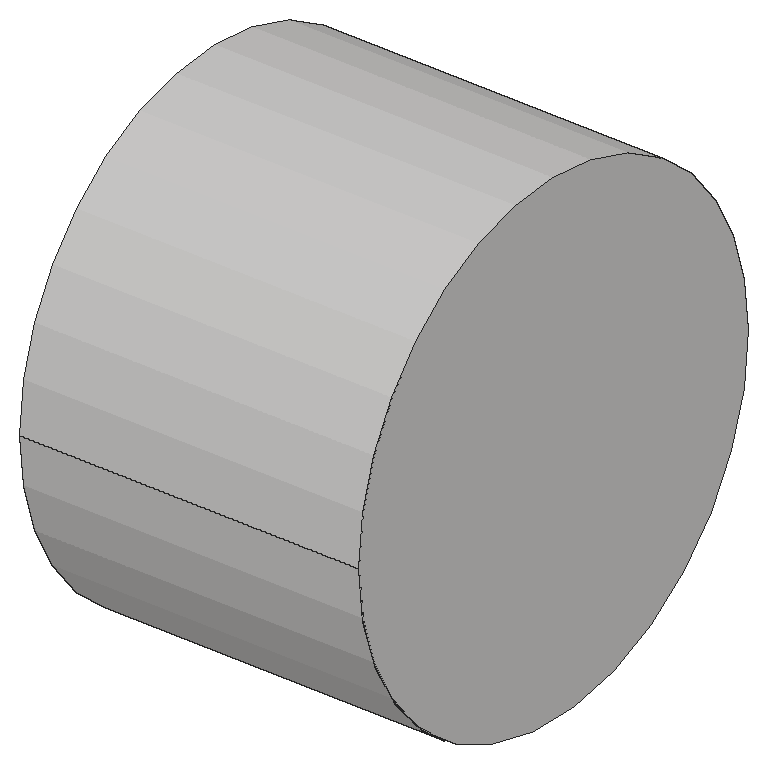
Revit family "SOFiSTiK_Ankermuffe_Geschweißt", category Verbindungsmittel, Revit 2023
Family settings
  Arbeitsebenenbasiert = Nein
  Immer vertikal = Nein
  Beim Laden mit Abzugskörper schneiden = Nein
  Gemeinsam genutzt = Nein
  An Ansicht ausrichten = Ja
Parameters (values of type "Ø10")
  Stabgröße 2 = Keine
  Stabgröße 1 = d2, ø10
  SOFiSTiK_Symbol_ID = "Anchor"  # constant formula
  SOFiSTiK_Identifier = "RC_Rebar_Coupler"  # constant formula
  Modell = "Endverankerung"
  Material = Baustahl - S 235
  Körper = 0,14 kg
  Hersteller = "Hersteller"
  Gesamtlänge = 23 mm
  Endenbearbeitung 2 = Keine
  Endenbearbeitung 1 = SOFiSTiK_Geschweißt
  Einfassung Stab 2 = 0 mm
  Einfassung Stab 1 = 18 mm
  Bauelement = "A"
  Außendurchmesser = 33 mm
Types (14, lengths in mm): name | Stabgröße 1 | Körper | Gesamtlänge | Einfassung Stab 1 | Außendurchmesser
  (no name) | d2, ø10 | 0.14 (stored number, unit not read) | 23 | 18 | 33
  Ø6 | d2, ø6 | 0,14 kg | 23 | 18 | 33
  Ø8 | d2, ø8 | 0,14 kg | 23 | 18 | 33
  Ø10 | d2, ø10 | 0,14 kg | 23 | 18 | 33
  Ø12 | d2, ø12 | 0,22 kg | 23 | 19 | 41
  Ø14 | d2, ø14 | 0,31 kg | 26 | 21 | 46
  Ø16 | d2, ø16 | 0,45 kg | 29 | 24 | 52
  Ø20 | d2, ø20 | 0,45 kg | 41 | 36 | 64
  Ø22 | d2, ø22 | 1,66 kg | 46 | 41 | 80
  Ø30 | d2, ø30 | 1,66 kg | 48 | 43 | 90
  Ø34 | d2, ø34 | 2,73 kg | 52 | 46 | 110
  Ø40 | d2, ø40 | 4,18 kg | 64 | 58 | 130
  Ø18 | d2, ø18 | 0,45 kg | 41 | 36 | 64
  Ø26 | d2, ø26 | 1,66 kg | 46 | 41 | 80
Reference planes
  plane 1: y = 0
  plane 2: z = 0
  plane 3 "Mitte (Links/rechts)": x = 0
  plane 4 "Links": x = -11.5
  plane 5: x = 11.5
  plane 6: y = 16.5
  plane 7: y = -16.5
Forms (mm)
  Extrusion 1, solid, material "Baustahl - S 235" <- "Material"
    sketch origin (0, 0, 0) x (0, 1, 0) y (0, 0, 1)
      loop
        circle (0, 0) r 16.5
    from -11.5 to 11.5
Lines and regions (mm)
  symbolic lines
    curve 1: line (-11.5, 16.5, 0) -> (11.5, 16.5, 0)
    curve 2: line (-11.5, -16.5, 0) -> (-11.5, 16.5, 0)
    curve 3: line (11.5, -16.5, 0) -> (-11.5, -16.5, 0)
    curve 4: line (11.5, 16.5, 0) -> (11.5, -16.5, 0)
Dimensions and locks
  equal spacing: plane 4 "Links", plane 3 "Mitte (Links/rechts)", plane 5
  "Gesamtlänge": plane 4 "Links" to plane 5
  equal spacing: plane 6, plane 1, plane 7
  "Außendurchmesser": plane 6 to plane 7
  "Außendurchmesser": diameter of Extrusion 1 sketch curve
  aligned and locked: Extrusion 1 to plane 4 "Links"
  aligned and locked: plane 5 to Extrusion 1
  aligned and locked: plane 4 "Links" to curve 2
  aligned and locked: curve 4 to plane 5
  aligned and locked: curve 1 to plane 6
  aligned and locked: plane 7 to curve 3
Automatic sketch dimensions
  Extrusion 1 sketch curve to level = 0 mm
  Extrusion 1 sketch curve to plane 1 = 0 mm
